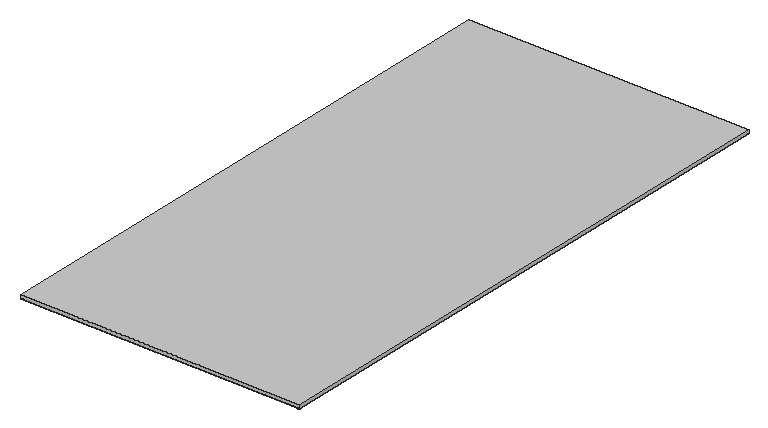
Revit family "SURE-BOARD-SERIES200B", category Generic Models, host Face, Revit 2026
Family settings
  Host = Face
  Can host rebar = No
  Round Connector Dimension = Use Diameter
  Part Type = Normal
  Cut with Voids When Loaded = No
  Maintain Annotation Orientation = No
  Shared = No
  Room Calculation Point = No
Parameters (values of type "SureBoard200BB-62")
  Width = 4' - 0"
  URL = "http://www.cemcosteel.com/steel-framing/sureboard-shear/sure-board%C2%AE-series-200b-blast-and-ballistics"
  SteelSheetThickness = 0' - 0 1/64"
  Product Submittal Link = "https://cemcosteel.com/app/uploads/2020/03/Sure_Board-Series-200B.pdf"
  Product Info = "Sure-Board® Series 200B for Blast and Ballistic"
  Material = 14Ga. Sheet Steel
  Manufacturer = "California  Expanded Metal Lath Products Co."
  Keynote = "054000"
  Height [instance] = 8' - 0"
  Wallboard Thickness = 0' - 0 5/8"
  Description = "Sure-Board® 200B for Blast/Ballistic"
  Default Elevation = 4' - 0"
  Assembly Code = "B1010220"
Types (10): name | Product Info | Material | Manufacturer | Keynote | Wallboard Thickness | Description | Assembly Code
  (no name) | "Sure-Board® Series 200B for Blast and Ballistic" | 14Ga. Sheet Steel | "California  Expanded Metal Lath Products Co." | "054000" | 0' - 0 5/8" | "Sure-Board® 200B for Blast/Ballistic" | "B1010220"
  SureBoard200BI-50 | "Sure-Board® Series 200B for Blast and Ballistics" | 22Ga. Sheet Steel | "California  Expanded Metal Lath Products Co. (CEMCO)" | 0' - 0" | 0' - 0 1/2" | "Sure-Board® 200B for Blast/Ballistic is an enhanced version of 200, used in pre-tested assemblies for varying degrees of Blast/Ballistic protection." | 0' - 0"
  SureBoard200BB-50 | "Sure-Board® Series 200B for Blast and Ballistics" | 14Ga. Sheet Steel | "California  Expanded Metal Lath Products Co. (CEMCO)" | 0' - 0" | 0' - 0 1/2" | "Sure-Board® 200B for Blast/Ballistic is an enhanced version of 200, used in pre-tested assemblies for varying degrees of Blast/Ballistic protection." | 0' - 0"
  SureBoard200BX-50 | "Sure-Board® Series 200B for Blast and Ballistics" | 14Ga. Sheet Steel | "California  Expanded Metal Lath Products Co. (CEMCO)" | 0' - 0" | 0' - 0 1/2" | "Sure-Board® 200B for Blast/Ballistic is an enhanced version of 200, used in pre-tested assemblies for varying degrees of Blast/Ballistic protection." | 0' - 0"
  SureBoard200BI-62 | "Sure-Board® Series 200B for Blast and Ballistics" | 22Ga. Sheet Steel | "California  Expanded Metal Lath Products Co. (CEMCO)" | 0' - 0" | 0' - 0 5/8" | "Sure-Board® 200B for Blast/Ballistic is an enhanced version of 200, used in pre-tested assemblies for varying degrees of Blast/Ballistic protection." | 0' - 0"
  SureBoard200BI-75 | "Sure-Board® Series 200B for Blast and Ballistics" | 22Ga. Sheet Steel | "California  Expanded Metal Lath Products Co. (CEMCO)" | 0' - 0" | 0' - 0 3/4" | "Sure-Board® 200B for Blast/Ballistic is an enhanced version of 200, used in pre-tested assemblies for varying degrees of Blast/Ballistic protection." | 0' - 0"
  SureBoard200BB-62 | "Sure-Board® Series 200B for Blast and Ballistic" | 14Ga. Sheet Steel | "California  Expanded Metal Lath Products Co." | "054000" | 0' - 0 5/8" | "Sure-Board® 200B for Blast/Ballistic" | "B1010220"
  SureBoard200BB-75 | "Sure-Board® Series 200B for Blast and Ballistics" | 14Ga. Sheet Steel | "California  Expanded Metal Lath Products Co. (CEMCO)" | 0' - 0" | 0' - 0 3/4" | "Sure-Board® 200B for Blast/Ballistic is an enhanced version of 200, used in pre-tested assemblies for varying degrees of Blast/Ballistic protection." | 0' - 0"
  SureBoard200BX-62 | "Sure-Board® Series 200B for Blast and Ballistics" | 14Ga. Sheet Steel | "California  Expanded Metal Lath Products Co. (CEMCO)" | 0' - 0" | 0' - 0 5/8" | "Sure-Board® 200B for Blast/Ballistic is an enhanced version of 200, used in pre-tested assemblies for varying degrees of Blast/Ballistic protection." | 0' - 0"
  SureBoard200BX-75 | "Sure-Board® Series 200B for Blast and Ballistics" | 14Ga. Sheet Steel | "California  Expanded Metal Lath Products Co. (CEMCO)" | 0' - 0" | 0' - 0 3/4" | "Sure-Board® 200B for Blast/Ballistic is an enhanced version of 200, used in pre-tested assemblies for varying degrees of Blast/Ballistic protection." | 0' - 0"
Reference planes (in)
  plane 1 "Center (Front/Back)": y = 0
  plane 2: z = 0
  plane 3 "Center (Left/Right)": x = 0
  plane 4: z = 0.01563
  plane 5: z = 0.64063
  plane 6: x = -48
  plane 7: y = 96
Forms (in)
  Extrusion 1, solid, material "14Ga. Sheet Steel" <- "Material"
    sketch origin (0, 0, 0) x (1, 0, 0) y (0, 1, 0)
      loop
        line (-48, 96) -> (-48, 0) -> (0, 0) -> (0, 96) -> (-48, 96)
    from 0 to 0.01563
  Extrusion 2, solid, material "Wallboard"
    sketch origin (0, 0, 0) x (1, 0, 0) y (0, 1, 0)
      loop
        line (-48, 96) -> (-48, 0) -> (0, 0) -> (0, 96) -> (-48, 96)
    from 0.01563 to 0.64063
Dimensions and locks (in)
  "SteelSheetThickness": plane 4 to level
  "Wallboard Thickness": plane 5 to plane 4
  "Height": plane 1 "Center (Front/Back)" to plane 7
  "Width": plane 6 to plane 3 "Center (Left/Right)"
  aligned and locked: plane 2 to host face
  aligned and locked: level to host face
  aligned and locked: Extrusion 1 sketch curve to plane 3 "Center (Left/Right)"
  aligned and locked: Extrusion 1 sketch curve to plane 1 "Center (Front/Back)"
  aligned and locked: plane 4 to Extrusion 1
  aligned and locked: Extrusion 2 to Extrusion 1
  aligned and locked: plane 5 to Extrusion 2
  aligned and locked: Extrusion 1 to plane 6
  aligned and locked: Extrusion 2 to plane 6
  aligned and locked: plane 3 "Center (Left/Right)" to Extrusion 2
  aligned and locked: plane 1 "Center (Front/Back)" to Extrusion 2
  aligned and locked: plane 7 to Extrusion 2
  aligned and locked: plane 7 to Extrusion 1
Automatic sketch dimensions
  host sketch curve to host sketch curve = 8' - 5.46534"
  host sketch curve to host sketch curve = 12' - 6.76118"
  Extrusion 1 sketch curve to plane 3 "Center (Left/Right)" = 4' - 0"
  Extrusion 1 sketch curve to plane 1 "Center (Front/Back)" = 8' - 0"
  Extrusion 2 sketch curve to plane 3 "Center (Left/Right)" = 4' - 0"
  Extrusion 2 sketch curve to plane 1 "Center (Front/Back)" = 0' - 0"
  Extrusion 2 sketch curve to Extrusion 2 sketch curve = 4' - 0"
  Extrusion 2 sketch curve to Extrusion 2 sketch curve = 8' - 0"
